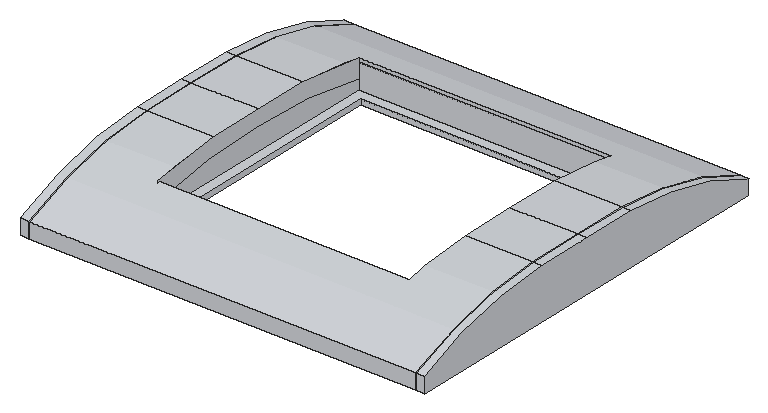
Revit family "Gira_100236", category Electrical Fixtures, host Face, Revit 2017
Family settings
  Host = Face
  Maintain Annotation Orientation = No
  Round Connector Dimension = Use Diameter
  Part Type = Normal
  Cut with Voids When Loaded = No
  Shared = No
  Room Calculation Point = No
Parameters (values of type "Cov.fr. 2-g w/o cb interm.fr. C Alu Gira Event c.alum.")
  With mounting grid = "No"
  With hinged lid = "No"
  URL = "http://katalog.gira.de/en/datenblatt.html?artikelnr=100236"
  Type of fastening = "Clamp mounting"
  Transparent = "No"
  Surface protection = "Other"
  Suitable for wall duct = "No"
  Suitable for flush-mounted installation = "Yes"
  Suitable for floor box = "No"
  Suitable for built-in installation = "No"
  Number of units vertical = "2"
  Number of units horizontal = "2"
  Number of units = "2"
  Name = "Cov.fr. 2-g w/o cb interm.fr. C Alu Gira Event c.alum."
  Mounting direction = "Horizontal and vertical"
  Material quality = "Thermoplastic"
  Material = "Plastic"
  Manufacturer URL = "https://www.gira.de/"
  Manufacturer = "Gira"
  Label space/information surface = "No"
  Keynote = ""
  HeinzeBIM = "https://bimportal.heinze.de/bim/cov-fr-2-g-w-o-cb-interm-fr-c-alu-gira-event-c-alum-/8b97191429291e4fc81811aa6f74b86a37e6cded"
  Halogen free = "Yes"
  HAN = "100236"
  GTIN = "4010337002369"
  Description = "Cov.fr.2g w o cb i.fr.CAI Event CAl,Gira Event frames,colour aluminium with colour aluminium intermediate frame,2-gang without crossbar,Features:,- Shatter-proof."
  Degree of protection (IP) = "IP20"
  Default Elevation = 1219.2 mm
  Data sheet (1) = "https://katalog.gira.de/en/download.html?artikelnr=100236"
  Colour = "Aluminium"
  Category = "Cover frame for domestic switching devices"
  BIM (1) = "https://media.stage.bim.site/public/gira/36a6b08/Event_Rahmen_2fach o.Mittelsteg.rfa?public/gira/36a6b08/Event_Rahmen_2fach o.Mittelsteg.rfa"
  Available = "No"
Reference planes
  plane 1 "Center (Front/Back)": y = 0
  plane 2: z = 0
  plane 3 "Center (Left/Right)": x = 0
Forms (mm)
  Extrusion 1, solid, detail levels fine
    sketch origin (0, 0, 1.55) x (0, 1, 0) y (0, 0, 1)
      loop
        arc (12.445, 9.683) -> (6.223, 9.833) -> (0, 9.85) r 291.636
        arc (0, 9.85) -> (-6.223, 9.833) -> (-12.445, 9.683) r 291.636
        arc (-12.445, 9.683) -> (-29.14, 7.482) -> (-45, 1.823) r 79.728
        line (-45, 1.823) -> (-45, -1.55) -> (-41.777, -1.55) -> (-41.777, -0.55)
        arc (-41.777, -0.55) -> (-21.205, 4.846) -> (0, 6.467) r 118.15
        arc (0, 6.467) -> (21.205, 4.846) -> (41.777, -0.55) r 118.15
        line (41.777, -0.55) -> (41.777, -1.55) -> (45, -1.55) -> (45, 1.823)
        arc (45, 1.823) -> (29.14, 7.482) -> (12.445, 9.683) r 79.728
    from -43 to 43
  Extrusion 2, void, detail levels fine
    sketch origin (0, 0, 0) x (1, 0, 0) y (0, 1, 0)
      loop
        line (-28, -28) -> (28, -28) -> (28, 28) -> (-28, 28) -> (-28, -28)
    from 2.85 to 12
  Extrusion 3, solid, detail levels coarse
    sketch origin (0, 0, 0) x (1, 0, 0) y (0, 1, 0)
      loop
        line (-45, 45) -> (-45, -45) -> (45, -45) -> (45, 45) -> (-45, 45)
    from 0 to 11.4
  Extrusion 4, solid, detail levels medium
    sketch origin (0, 0, 1.55) x (0, 1, 0) y (0, 0, 1)
      loop
        arc (12.445, 9.683) -> (6.223, 9.833) -> (0, 9.85) r 291.636
        arc (0, 9.85) -> (-6.223, 9.833) -> (-12.445, 9.683) r 291.636
        arc (-12.445, 9.683) -> (-29.14, 7.482) -> (-45, 1.823) r 79.728
        line (-45, 1.823) -> (-45, -1.55) -> (45, -1.55) -> (45, 1.823)
        arc (45, 1.823) -> (29.14, 7.482) -> (12.445, 9.683) r 79.728
    from -45 to 45
  Extrusion 5, solid, detail levels fine
    sketch origin (0, 0, 0) x (0, 1, 0) y (0, 0, 1)
      loop
        arc (45, 3.373) -> (29.14, 9.032) -> (12.445, 11.233) r 79.728
        arc (12.445, 11.233) -> (6.223, 11.383) -> (0, 11.4) r 291.636
        arc (0, 11.4) -> (-6.223, 11.383) -> (-12.445, 11.233) r 291.636
        arc (-12.445, 11.233) -> (-29.14, 9.032) -> (-45, 3.373) r 79.728
        line (-45, 3.373) -> (-45, 0) -> (45, 0) -> (45, 3.373)
    from 43 to 45
  Extrusion 6, solid, detail levels fine
    sketch origin (0, 0, 0) x (0, 1, 0) y (0, 0, -1)
      loop
        line (45, -3.373) -> (45, 0) -> (-45, 0) -> (-45, -3.373)
        arc (-45, -3.373) -> (-29.14, -9.032) -> (-12.445, -11.233) r 79.728
        arc (-12.445, -11.233) -> (-6.223, -11.383) -> (0, -11.4) r 291.636
        arc (0, -11.4) -> (6.223, -11.383) -> (12.445, -11.233) r 291.636
        arc (12.445, -11.233) -> (29.14, -9.032) -> (45, -3.373) r 79.728
    from 43 to 45
  Extrusion 7, solid, detail levels fine
    sketch origin (0, 0, 0) x (1, 0, 0) y (0, 1, 0)
      loop
        line (-25.7, 25.7) -> (-25.7, -25.7) -> (25.7, -25.7) -> (25.7, 25.7) -> (-25.7, 25.7)
      loop
        line (-29.495, 27.895) -> (-29.495, -27.895)
        spline (-29.495, -27.895) -> (-29.486, -28.025) -> (-29.461, -28.154) -> (-29.419, -28.278) -> (-29.361, -28.395) -> (-29.288, -28.504) -> (-29.202, -28.602) -> (-29.104, -28.688) -> (-28.995, -28.761) -> (-28.878, -28.819) -> (-28.754, -28.861) -> (-28.625, -28.886) -> (-28.495, -28.895)
        line (-28.495, -28.895) -> (28.495, -28.895)
        spline (28.495, -28.895) -> (28.625, -28.886) -> (28.754, -28.861) -> (28.878, -28.819) -> (28.995, -28.761) -> (29.104, -28.688) -> (29.202, -28.602) -> (29.288, -28.504) -> (29.361, -28.395) -> (29.419, -28.278) -> (29.461, -28.154) -> (29.486, -28.025) -> (29.495, -27.895)
        line (29.495, -27.895) -> (29.495, 27.895)
        spline (29.495, 27.895) -> (29.486, 28.025) -> (29.461, 28.154) -> (29.419, 28.278) -> (29.361, 28.395) -> (29.288, 28.504) -> (29.202, 28.602) -> (29.104, 28.688) -> (28.995, 28.761) -> (28.878, 28.819) -> (28.754, 28.861) -> (28.625, 28.886) -> (28.495, 28.895)
        line (28.495, 28.895) -> (-28.495, 28.895)
        spline (-28.495, 28.895) -> (-28.625, 28.886) -> (-28.754, 28.861) -> (-28.878, 28.819) -> (-28.995, 28.761) -> (-29.104, 28.688) -> (-29.202, 28.602) -> (-29.288, 28.504) -> (-29.361, 28.395) -> (-29.419, 28.278) -> (-29.461, 28.154) -> (-29.486, 28.025) -> (-29.495, 27.895)
    from 1.673 to 8.5
Cuts and joins
  Extrusion 2 cuts Extrusion 1
  Extrusion 2 cuts Extrusion 7
Dimensions and locks
  aligned and locked: plane 2 to host face
  aligned and locked: level to host face
